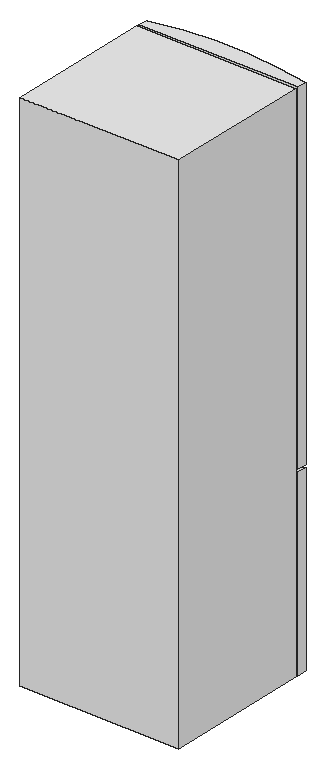
Revit family "Холодильник 600х600х2000 (мор.кам + холод)", category Мебель, Revit 2019 (continued)
Automatic sketch dimensions
  Extrusion 34 to Extrusion 37 sketch curve = 17.742 mm
  Extrusion 4 sketch curve to plane 3 "Center (Left/Right)" = 0 mm
  Extrusion 4 sketch curve to plane 4 = 0 mm
  Extrusion 38 sketch curve to Extrusion 38 sketch curve = 0 mm
  Extrusion 38 sketch curve to Extrusion 38 sketch curve = 2 mm  (x2)
  Extrusion 38 sketch curve to Extrusion 38 sketch curve = 10 mm  (x2)
  Extrusion 38 sketch curve to Extrusion 38 sketch curve = 170 mm
  Sweep 39 sketch curve to Sweep 39 sketch curve = 7 mm
  Sweep 39 sketch curve to Sweep 39 sketch curve = 12.642 mm
  Sweep 39 sketch curve to Sweep 39 sketch curve = 0.074 mm
  profile plane to Sweep 39 sketch curve = 2.149 mm
  profile plane to Sweep 39 sketch curve = 0.149 mm
  profile plane to Sweep 39 sketch curve = 890 mm
  Sweep 39 sketch curve to Sweep 39 sketch curve = 10 mm
  Sweep 40 sketch curve to Sweep 40 sketch curve = 7 mm
  Sweep 40 sketch curve to Sweep 40 sketch curve = 12.642 mm
  Sweep 40 sketch curve to Sweep 40 sketch curve = 0.074 mm
  profile plane to Sweep 40 sketch curve = 2.149 mm
  profile plane to Sweep 40 sketch curve = 0.149 mm
  profile plane to Sweep 40 sketch curve = 825 mm
  Sweep 40 sketch curve to Sweep 40 sketch curve = 10 mm
  Sweep 41 sketch curve to Sweep 41 sketch curve = 0 mm
  Sweep 41 sketch curve to Sweep 41 sketch curve = 7 mm
  Sweep 41 sketch curve to Sweep 41 sketch curve = 166 mm
  profile plane to Sweep 41 sketch curve = 4.922 mm
  Sweep 41 sketch curve to profile plane = 5.078 mm
  profile plane to Sweep 41 sketch curve = 613.857 mm
  Sweep 41 sketch curve to Sweep 41 sketch curve = 2 mm
  Extrusion 42 sketch curve to Extrusion 42 sketch curve = 0 mm
  Extrusion 42 sketch curve to Extrusion 42 sketch curve = 2 mm  (x2)
  Extrusion 42 sketch curve to Extrusion 42 sketch curve = 10 mm  (x2)
  Extrusion 42 sketch curve to Extrusion 42 sketch curve = 170 mm
  Sweep 43 sketch curve to Sweep 43 sketch curve = 7 mm
  Sweep 43 sketch curve to Sweep 43 sketch curve = 12.642 mm
  Sweep 43 sketch curve to Sweep 43 sketch curve = 0.074 mm
  profile plane to Sweep 43 sketch curve = 2.149 mm
  profile plane to Sweep 43 sketch curve = 0.149 mm
  profile plane to Sweep 43 sketch curve = 875 mm
  Sweep 43 sketch curve to Sweep 43 sketch curve = 10 mm
  Sweep 44 sketch curve to Sweep 44 sketch curve = 7 mm
  Sweep 44 sketch curve to Sweep 44 sketch curve = 12.642 mm
  Sweep 44 sketch curve to Sweep 44 sketch curve = 0.074 mm
  profile plane to Sweep 44 sketch curve = 2.149 mm
  profile plane to Sweep 44 sketch curve = 0.149 mm
  profile plane to Sweep 44 sketch curve = 825 mm
  Sweep 44 sketch curve to Sweep 44 sketch curve = 10 mm
  Sweep 45 sketch curve to Sweep 45 sketch curve = 0 mm
  Sweep 45 sketch curve to Sweep 45 sketch curve = 7 mm
  Sweep 45 sketch curve to Sweep 45 sketch curve = 166 mm
  profile plane to Sweep 45 sketch curve = 4.922 mm
  Sweep 45 sketch curve to profile plane = 5.078 mm
  profile plane to Sweep 45 sketch curve = 613.857 mm
  Sweep 45 sketch curve to Sweep 45 sketch curve = 2 mm
  Extrusion 46 sketch curve to Extrusion 46 sketch curve = 0 mm
  Extrusion 46 sketch curve to Extrusion 46 sketch curve = 2 mm  (x2)
  Extrusion 46 sketch curve to Extrusion 46 sketch curve = 10 mm  (x2)
  Extrusion 46 sketch curve to Extrusion 46 sketch curve = 170 mm
  Sweep 47 sketch curve to Sweep 47 sketch curve = 7 mm
  Sweep 47 sketch curve to Sweep 47 sketch curve = 12.642 mm
  Sweep 47 sketch curve to Sweep 47 sketch curve = 0.074 mm
  profile plane to Sweep 47 sketch curve = 2.149 mm
  profile plane to Sweep 47 sketch curve = 0.149 mm
  profile plane to Sweep 47 sketch curve = 875 mm
  Sweep 47 sketch curve to Sweep 47 sketch curve = 10 mm
  Sweep 48 sketch curve to Sweep 48 sketch curve = 7 mm
  Sweep 48 sketch curve to Sweep 48 sketch curve = 12.642 mm
  Sweep 48 sketch curve to Sweep 48 sketch curve = 0.074 mm
  profile plane to Sweep 48 sketch curve = 2.149 mm
  profile plane to Sweep 48 sketch curve = 0.149 mm
  profile plane to Sweep 48 sketch curve = 825 mm
  Sweep 48 sketch curve to Sweep 48 sketch curve = 10 mm
  Sweep 49 sketch curve to Sweep 49 sketch curve = 0 mm
  Sweep 49 sketch curve to Sweep 49 sketch curve = 7 mm
  Sweep 49 sketch curve to Sweep 49 sketch curve = 166 mm
  profile plane to Sweep 49 sketch curve = 4.922 mm
  Sweep 49 sketch curve to profile plane = 5.078 mm
  profile plane to Sweep 49 sketch curve = 613.857 mm
  Sweep 49 sketch curve to Sweep 49 sketch curve = 2 mm
  radius of Extrusion 5 sketch curve = 15 mm  (x4)
